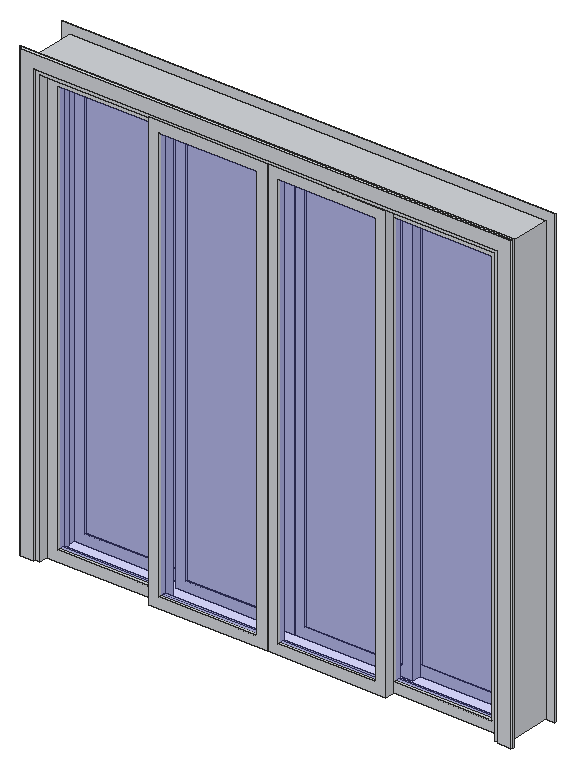
Revit family "Porta veneziana envidraçada de correr quádrupla com revestimento", category Portas, Revit 2019
Family settings
  Hospedeiro = Parede
  Número OmniClass = 23.30.10.00
  Título OmniClass = Doors
  Sempre na vertical = Sim
  Corte com vazios quando carregada = Não
  Compartilhado = Não
  Ponto de cálculo do ambiente = Não
Parameters (values of type "2320 x 2180mm")
  Visual Light Transmittance = 0
  Largura da apara = 70 mm
  Espessura da apara = 10 mm
  Material da apara = none
  Espessura = 0 mm
  Solar Heat Gain Coefficient = 0
  Rough Width = Width  # 2320 mm
  Rough Height = Height  # 2180 mm
  Material do painel = none
  Largura da moldura do painel = 50 mm
  Espessura da moldura do painel = 40 mm
  ID do tipo de construção = ""
  Coeficiente de transferência de calor (U) = 3.7021 W/(m²·K)
  Largura do puxador = 40 mm
  Material do puxador = none
  Altura do puxador = 200 mm
  Vidro = none
  Função = Exterior
  Largura da estrutura = 50 mm
  Height = 2180 mm
  Fechamento da parede = Por hospedeiro
  Width = 2320 mm
  Material da moldura = none
  Construção analítica = Metal
Types (5, lengths in mm): name | Rough Width | Width
  (no name) | 2320 | 2320
  2320 x 2180mm | 2320 | 2320
  2720 x 2180mm | 2720 | 2720
  3120 x 2180mm | 3120 | 3120
  3520 x 2180mm | 3520 | 3520
Reference planes
  plane 1: y = 0
  plane 2 "Centro (Esquerda/Direita)": x = 0
  plane 3 "Esquerda": x = -1160
  plane 4 "Direita": x = 1160
  plane 5: z = 2180
  plane 6 "Exterior": y = 125
  plane 7 "Interior": y = -125
  plane 8: x = -1110
  plane 9: x = -1060
  plane 10: x = 1060
  plane 11: x = 1110
  plane 12: y = -85
  plane 13: z = 0
  plane 14: z = 2080
  plane 15: z = 50
  plane 16: z = 2130
  plane 17: z = 1065
  plane 18: x = 555
  plane 19: x = -555
  plane 20: y = -125
  plane 21: y = -80
  plane 22: y = -40
  plane 23: y = -105
  plane 24: y = -60
  plane 25: y = -53
  plane 26: y = -67
  plane 27: y = -98
  plane 28: y = -112
  plane 29: x = -580
  plane 30: x = -530
  plane 31: x = 580
  plane 32: x = 530
  plane 33: x = -50
  plane 34: x = 50
  plane 35: x = 290
  plane 36: x = -290
  plane 37: y = 40
  plane 38: y = 85
  plane 39: y = 125
  plane 40: y = 60
  plane 41: y = 105
  plane 42: y = 117
  plane 43: y = 93
  plane 44: y = 72
  plane 45: y = 48
  plane 46: x = -25
  plane 47: x = 25
  plane 48: z = 900
  plane 49: z = 1000
  plane 50: z = 800
  plane 51: z = 962
  plane 52: z = 838
  plane 53: x = -5
  plane 54: x = -45
  plane 55: x = 45
  plane 56: x = 5
  plane 57: x = 42
  plane 58: x = 8
  plane 59: x = -8
  plane 60: x = -42
  plane 61: y = 80
  plane 62: x = 427.5
  plane 63: x = 152.5
  plane 64: through (427.5, 300, 1065) normal (0.5, 0, 0.866)
  plane 65: through (427.5, 300, 1065) normal (-0.5, 0, 0.866)
  plane 66: x = -427.5
  plane 67: x = -152.5
  plane 68: through (-427.5, 300, 1065) normal (0.5, 0, -0.866)
  plane 69: through (-427.5, 300, 1065) normal (-0.5, 0, -0.866)
  plane 70: x = 1100
Forms (mm)
  Sweep 1, solid, material <- "Material da moldura", detail levels coarse+medium
    path origin (0, 125, 0) x (1, 0, 0) y (0, 0, 1)
      loop
        line (1160, 0) -> (1160, 2180) -> (-1160, 2180) -> (-1160, 0)
    profile origin (1160, 125, 1090) x (-1, 0, 0) y (0, -1, 0)
      loop
        line (0, 0) -> (50, 0) -> (50, 250) -> (0, 250) -> (0, 0)
  Sweep 2, solid, material <- "Material da moldura", detail levels coarse+medium
    path origin (0, 125, 0) x (-1, 0, 0) y (0, 0, 1)
      loop
        line (0, 0) -> (580, 0) -> (580, 2130) -> (0, 2130) -> (0, 0)
    profile origin (0, 125, 1065) x (-1, 0, 0) y (0, -1, 0)
      loop
        line (50, 45) -> (50, 85) -> (0, 85) -> (0, 45) -> (50, 45)
      loop
        line (0, 210) -> (50, 210) -> (50, 250) -> (0, 250) -> (0, 210)
  Extrusion 3, solid, material <- "Vidro", detail levels fine
    sketch origin (0, 0, 0) x (-1, 0, 0) y (0, -1, 0)
      loop
        line (530, 98) -> (530, 112) -> (50, 112) -> (50, 98) -> (530, 98)
      loop
        line (-50, 98) -> (-50, 112) -> (-530, 112) -> (-530, 98) -> (-50, 98)
      loop
        line (580, 53) -> (1060, 53) -> (1060, 67) -> (580, 67) -> (580, 53)
      loop
        line (-580, 53) -> (-580, 67) -> (-1060, 67) -> (-1060, 53) -> (-580, 53)
    from 50 to 2080
  Sweep 4, solid, material <- "Material da moldura"
    path origin (0, 125, 50) x (-1, 0, 0) y (0, 0, 1)
      loop
        line (1110, -50) -> (1110, 2080) -> (530, 2080) -> (530, -50) -> (1110, -50)
    profile origin (-1110, 125, 1065) x (-1, 0, 0) y (0, -1, 0)
      loop
        line (0, 0) -> (0, 40) -> (-50, 40) -> (-50, 0) -> (0, 0)
      loop
        line (-50, 165) -> (0, 165) -> (0, 205) -> (-50, 205) -> (-50, 165)
  Sweep 5, solid, material <- "Material da moldura", detail levels coarse+medium
    path origin (0, 125, 0) x (1, 0, 0) y (0, 0, 1)
      loop
        line (0, 0) -> (580, 0) -> (580, 2130) -> (0, 2130) -> (0, 0)
    profile origin (0, 125, 1065) x (-1, 0, 0) y (0, -1, 0)
      loop
        line (0, 45) -> (0, 85) -> (-50, 85) -> (-50, 45) -> (0, 45)
      loop
        line (0, 210) -> (0, 250) -> (-50, 250) -> (-50, 210) -> (0, 210)
  Sweep 6, solid, material <- "Material da moldura"
    path origin (0, 125, 50) x (1, 0, 0) y (0, 0, 1)
      loop
        line (1110, -50) -> (1110, 2080) -> (530, 2080) -> (530, -50) -> (1110, -50)
    profile origin (1110, 125, 1065) x (-1, 0, 0) y (0, -1, 0)
      loop
        line (50, 165) -> (50, 205) -> (0, 205) -> (0, 165) -> (50, 165)
      loop
        line (50, 0) -> (50, 40) -> (0, 40) -> (0, 0) -> (50, 0)
  Extrusion 7, solid, material <- "Material do painel"
    sketch origin (0, 0, 0) x (1, 0, 0) y (0, 1, 0)
      loop
        line (-1060, 117) -> (-1060, 93) -> (-580, 93) -> (-580, 117) -> (-1060, 117)
      loop
        line (580, 117) -> (580, 93) -> (1060, 93) -> (1060, 117) -> (580, 117)
      loop
        line (-530, 72) -> (-530, 48) -> (-50, 48) -> (-50, 72) -> (-530, 72)
      loop
        line (50, 72) -> (50, 48) -> (530, 48) -> (530, 72) -> (50, 72)
    from 50 to 2080
  Extrusion 8, solid, material <- "Vidro"
    sketch origin (0, -220, 0) x (-1, 0, 0) y (0, -1, 0)
      loop
        line (1060, -167) -> (1060, -153) -> (580, -153) -> (580, -167) -> (1060, -167)
      loop
        line (530, -122) -> (530, -108) -> (50, -108) -> (50, -122) -> (530, -122)
      loop
        line (-50, -122) -> (-50, -108) -> (-530, -108) -> (-530, -122) -> (-50, -122)
      loop
        line (-580, -167) -> (-580, -153) -> (-1060, -153) -> (-1060, -167) -> (-580, -167)
    from 50 to 2080
  Sweep 9, solid, material <- "Material da moldura", detail levels fine
    path origin (0, 390, 0) x (-1, 0, 0) y (0, 0, 1)
      loop
        line (0, 0) -> (580, 0) -> (580, 2130) -> (0, 2130) -> (0, 0)
    profile origin (0, 390, 1065) x (-1, 0, 0) y (0, -1, 0)
      loop
        line (50, 310) -> (50, 350) -> (0, 350) -> (0, 310) -> (50, 310)
      loop
        line (50, 475) -> (50, 515) -> (0, 515) -> (0, 475) -> (50, 475)
  Sweep 10, solid, material <- "Material da moldura", detail levels fine
    path origin (0, 390, 0) x (1, 0, 0) y (0, 0, 1)
      loop
        line (0, 0) -> (580, 0) -> (580, 2130) -> (0, 2130) -> (0, 0)
    profile origin (0, 390, 1065) x (-1, 0, 0) y (0, -1, 0)
      loop
        line (0, 310) -> (0, 350) -> (-50, 350) -> (-50, 310) -> (0, 310)
      loop
        line (0, 475) -> (0, 515) -> (-50, 515) -> (-50, 475) -> (0, 475)
  Sweep 11, solid, material <- "Material da moldura", detail levels fine
    path origin (0, 125, 0) x (1, 0, 0) y (0, 0, 1)
      loop
        line (1160, 0) -> (1160, 2180) -> (-1160, 2180) -> (-1160, 0)
    profile origin (1160, 125, 1090) x (-1, 0, 0) y (0, -1, 0)
      loop
        line (50, 0) -> (50, 85) -> (60, 85) -> (60, 165) -> (50, 165) -> (50, 250) -> (0, 250) -> (0, 0) -> (50, 0)
  Extrusion 12, solid, material <- "Material do painel", detail levels medium+fine
    sketch origin (-4300, 0, 0) x (1, 0, 0) y (0, 1, 0)
      loop
        line (3240, 117) -> (3240, 93) -> (3720, 93) -> (3720, 117) -> (3240, 117)
      loop
        line (4880, 117) -> (4880, 93) -> (5360, 93) -> (5360, 117) -> (4880, 117)
      loop
        line (3770, 72) -> (3770, 48) -> (4250, 48) -> (4250, 72) -> (3770, 72)
      loop
        line (4350, 72) -> (4350, 48) -> (4830, 48) -> (4830, 72) -> (4350, 72)
    from 50 to 2080
  Sweep 13, solid, material <- "Material da apara", detail levels fine
    path origin (0, -125, 0) x (1, 0, 0) y (0, 0, 1)
      loop
        line (1160, 0) -> (1160, 2180) -> (-1160, 2180) -> (-1160, 0)
    profile "Perfil da apara : Perfil da apara" origin (1160, -125, 1090) x (-1, 0, 0) y (0, -1, 0)
      loop
        line (-43, 0) -> (27, 0) -> (27, 10) -> (-37, 10) -> (-43, 4) -> (-43, 0)
  Sweep 14, solid, material <- "Material da apara", detail levels fine
    path origin (0, 125, 0) x (1, 0, 0) y (0, 0, 1)
      loop
        line (1160, 0) -> (1160, 2180) -> (-1160, 2180) -> (-1160, 0)
    profile "Perfil da apara : Perfil da apara" origin (1160, 125, 1090) x (-1, 0, 0) y (0, -1, 0)
      loop
        line (-43, 0) -> (-43, -4) -> (-37, -10) -> (27, -10) -> (27, 0) -> (-43, 0)
Lines and regions (mm)
  Opening 1
    outline origin (-3050, -125, 0) x (1, 0, 0) y (0, 0, 1)
      loop
        line (1890, 0) -> (4210, 0) -> (4210, 2180) -> (1890, 2180) -> (1890, 0)
  symbolic lines, style "Giro da elevação"
    curve 1: line (-580, 125, 2130) -> (0, 125, 0)
    curve 2: line (0, 125, 0) -> (580, 125, 2130)
    curve 3: line (580, 125, 0) -> (0, 125, 2130)
    curve 4: line (0, 125, 2130) -> (-580, 125, 0)
  model lines, style "DoorsGlassProjection", detail levels medium
    curve 5: line (530, -105, 2080) -> (50, -105, 2080)
    curve 6: line (530, -105, 50) -> (530, -105, 2080)
    curve 7: line (50, -105, 50) -> (530, -105, 50)
    curve 8: line (50, -105, 2080) -> (50, -105, 50)
    curve 9: line (-50, -105, 2080) -> (-530, -105, 2080)
    curve 10: line (-50, -105, 50) -> (-50, -105, 2080)
    curve 11: line (-530, -105, 50) -> (-50, -105, 50)
    curve 12: line (-530, -105, 2080) -> (-530, -105, 50)
    curve 13: line (1060, -60, 2080) -> (580, -60, 2080)
    curve 14: line (1060, -60, 50) -> (1060, -60, 2080)
    curve 15: line (580, -60, 50) -> (1060, -60, 50)
    curve 16: line (580, -60, 2080) -> (580, -60, 50)
    curve 17: line (-580, -60, 2080) -> (-1060, -60, 2080)
    curve 18: line (-580, -60, 50) -> (-580, -60, 2080)
    curve 19: line (-1060, -60, 50) -> (-580, -60, 50)
    curve 20: line (-1060, -60, 2080) -> (-1060, -60, 50)
  symbolic lines, style "Seta"
    curve 21: line (427.5, -60, 1065) -> (349.558, -60, 1110)
    curve 22: line (427.5, -60, 1065) -> (152.5, -60, 1065)
    curve 23: line (427.5, -60, 1065) -> (349.558, -60, 1020)
    curve 24: line (-427.5, -60, 1065) -> (-349.558, -60, 1110)
    curve 25: line (-427.5, -60, 1065) -> (-152.5, -60, 1065)
    curve 26: line (-427.5, -60, 1065) -> (-349.558, -60, 1020)
Text (mm)
  text "Externo" at (-2295.016, 1099.543, 0), in view "Nível de referência"
  text "Externo" at (0, 1615.38, 3698.081), in view "Esquerda"
  text "Externo" at (0, 1036.032, 3874.932), in view "Direita"
Dimensions and locks
  equal spacing: plane 3 "Esquerda", plane 2 "Centro (Esquerda/Direita)", plane 4 "Direita"
  "Width": plane 3 "Esquerda" to plane 4 "Direita"
  "Height": host wall to plane 5
  host wall to plane 5 = 2180 mm
  locked: plane 6 "Exterior" to host wall at 0
  locked: plane 7 "Interior" to host wall
  "Largura da estrutura": plane 3 "Esquerda" to plane 8
  "Largura da estrutura": plane 11 to plane 4 "Direita"
  "Largura da moldura do painel": plane 8 to plane 9
  "Largura da moldura do painel": plane 10 to plane 11
  "Largura da estrutura": plane 16 to plane 5
  "Largura da moldura do painel": plane 14 to plane 16
  "Largura da estrutura": plane 13 to plane 15
  equal spacing: plane 32, plane 18, plane 31
  equal spacing: plane 29, plane 19, plane 30
  "Largura da moldura do painel": plane 29 to plane 30
  "Largura da moldura do painel": plane 32 to plane 31
  "Largura da moldura do painel": plane 33 to plane 2 "Centro (Esquerda/Direita)"
  "Largura da moldura do painel": plane 2 "Centro (Esquerda/Direita)" to plane 34
  equal spacing: plane 2 "Centro (Esquerda/Direita)", plane 18, plane 11
  equal spacing: plane 8, plane 19, plane 2 "Centro (Esquerda/Direita)"
  equal spacing: plane 15, plane 17, plane 14
  equal spacing: plane 31, plane 35, plane 2 "Centro (Esquerda/Direita)"
  equal spacing: plane 2 "Centro (Esquerda/Direita)", plane 36, plane 29
  equal spacing: plane 33, plane 46, plane 2 "Centro (Esquerda/Direita)"
  equal spacing: plane 2 "Centro (Esquerda/Direita)", plane 47, plane 34
  locked: plane 13 to plane 48 at 900
  equal spacing: plane 50, plane 48, plane 49
  "Altura do puxador": plane 50 to plane 49
  locked: plane 50 to plane 52 at 38
  locked: plane 51 to plane 49 at 38
  equal spacing: plane 56, plane 47, plane 55
  "Largura do puxador": plane 56 to plane 55
  equal spacing: plane 54, plane 46, plane 53
  "Largura do puxador": plane 54 to plane 53
  locked: plane 57 to plane 55 at 3
  locked: plane 56 to plane 58 at 3
  locked: plane 59 to plane 53 at 3
  locked: plane 54 to plane 60 at 3
  "Espessura da moldura do painel": plane 12 to plane 20
  "Espessura da moldura do painel": plane 38 to plane 39
  "Espessura da moldura do painel": plane 22 to plane 21
  "Espessura da moldura do painel": plane 61 to plane 37
  equal spacing: plane 12, plane 23, plane 20
  plane 27 to plane 23 to plane 28 = 7 mm locked, 7 mm locked
  equal spacing: plane 22, plane 24, plane 21
  plane 25 to plane 24 to plane 26 = 7 mm locked, 7 mm locked
  equal spacing: plane 61, plane 40, plane 37
  plane 44 to plane 40 to plane 45 = 12 mm locked, 12 mm locked
  equal spacing: plane 39, plane 41, plane 38
  plane 42 to plane 41 to plane 43 = 12 mm locked, 12 mm locked
  locked: plane 62 to plane 63 at 275
  equal spacing: plane 62, plane 35, plane 63
  locked: curve 21 to curve 23 at 90
  locked: curve 23 to curve 23 at 90
  locked: plane 66 to plane 67 at 275
  equal spacing: plane 66, plane 36, plane 67
  locked: curve 24 to curve 26 at 90
  locked: curve 26 to curve 26 at 90
  locked: plane 61 to plane 38 at 5
  locked: plane 21 to plane 12 at 5
  locked: plane 70 to plane 11 at 10
  angle plane 17 to plane 64 = 30.00°
  angle plane 65 to plane 17 = 30.00°
  angle plane 68 to plane 17 = 30.00°
  angle plane 17 to plane 69 = 30.00°
  aligned and locked: plane 3 "Esquerda" to Opening 1 sketch curve
  aligned and locked: plane 5 to Opening 1 sketch curve  (x2)
  aligned and locked: Opening 1 sketch curve to plane 4 "Direita"
  aligned and locked: Opening 1 sketch curve to level
  aligned and locked: plane 1 to host wall
  aligned and locked: level to plane 13
  aligned and locked: Sweep 1 sketch curve to plane 3 "Esquerda"
  aligned and locked: plane 5 to Sweep 1 sketch curve
  aligned and locked: plane 4 "Direita" to Sweep 1 sketch curve
  aligned and locked: Sweep 1 sketch curve to profile plane
  aligned and locked: Sweep 1 sketch curve to host wall
  aligned and locked: host wall to Sweep 1 sketch curve
  aligned and locked: Sweep 1 sketch curve to plane 11
  aligned and locked: Sweep 4 sketch curve to plane 8  (x2)
  aligned and locked: Sweep 2 sketch curve to plane 16
  aligned and locked: plane 13 to Sweep 2 sketch curve
  aligned and locked: Sweep 4 sketch curve to plane 13
  aligned and locked: plane 16 to Sweep 4 sketch curve
  aligned and locked: plane 30 to Sweep 4 sketch curve
  aligned and locked: plane 29 to Sweep 2 sketch curve
  aligned and locked: Sweep 2 sketch curve to plane 2 "Centro (Esquerda/Direita)"  (x2)
  aligned and locked: plane 16 to curve 1
  aligned and locked: plane 29 to curve 1
  aligned and locked: plane 16 to curve 4
  aligned and locked: plane 16 to curve 2
  aligned and locked: plane 2 "Centro (Esquerda/Direita)" to curve 4
  aligned and locked: plane 31 to curve 2
  aligned and locked: plane 13 to curve 4
  aligned and locked: plane 29 to curve 4
  aligned and locked: plane 13 to curve 2
  aligned and locked: plane 31 to curve 3
  aligned and locked: plane 13 to curve 3
  aligned and locked: Extrusion 3 sketch curve to plane 27  (x2)
  aligned and locked: plane 30 to Extrusion 3 sketch curve
  aligned and locked: Extrusion 3 sketch curve to plane 28  (x2)
  aligned and locked: Extrusion 3 sketch curve to plane 33
  aligned and locked: plane 34 to Extrusion 3 sketch curve
  aligned and locked: Extrusion 3 sketch curve to plane 32
  aligned and locked: plane 25 to Extrusion 3 sketch curve
  aligned and locked: plane 29 to Extrusion 3 sketch curve
  aligned and locked: Extrusion 3 sketch curve to plane 26  (x2)
  aligned and locked: Extrusion 3 sketch curve to plane 9
  aligned and locked: Extrusion 3 sketch curve to plane 25
  aligned and locked: plane 31 to Extrusion 3 sketch curve
  aligned and locked: Extrusion 3 sketch curve to plane 10
  aligned and locked: Extrusion 7 sketch curve to plane 42  (x2)
  aligned and locked: plane 9 to Extrusion 7 sketch curve
  aligned and locked: Extrusion 7 sketch curve to plane 43  (x2)
  aligned and locked: Extrusion 7 sketch curve to plane 29
  aligned and locked: plane 31 to Extrusion 7 sketch curve
  aligned and locked: Extrusion 7 sketch curve to plane 10
  aligned and locked: plane 14 to Extrusion 7
  aligned and locked: plane 14 to Extrusion 3
  aligned and locked: Extrusion 7 to plane 15
  aligned and locked: Extrusion 3 to plane 14  (x8)
  aligned and locked: Extrusion 3 to plane 15
  aligned and locked: plane 15 to Extrusion 3  (x8)
  aligned and locked: Extrusion 7 to plane 14  (x4)
  aligned and locked: plane 15 to Extrusion 7  (x4)
  aligned and locked: plane 14 to Extrusion 8
  aligned and locked: Extrusion 8 to plane 15
  aligned and locked: Extrusion 8 sketch curve to Extrusion 3  (x16)
  aligned and locked: curve 9 to plane 14
  aligned and locked: curve 5 to plane 14
  aligned and locked: plane 34 to curve 8
  aligned and locked: curve 10 to plane 33
  aligned and locked: plane 30 to curve 12
  aligned and locked: curve 6 to plane 32
  aligned and locked: plane 15 to curve 11
  aligned and locked: plane 15 to curve 7
  aligned and locked: curve 17 to plane 14
  aligned and locked: curve 13 to plane 14
  aligned and locked: plane 31 to curve 16
  aligned and locked: curve 18 to plane 29
  aligned and locked: plane 9 to curve 20
  aligned and locked: curve 14 to plane 10
  aligned and locked: plane 15 to curve 15
  aligned and locked: plane 15 to curve 19
  aligned and locked: plane 48 to nested 1
  aligned and locked: Sweep 9 sketch curve to plane 16
  aligned and locked: plane 13 to Sweep 9 sketch curve
  aligned and locked: Sweep 9 sketch curve to plane 2 "Centro (Esquerda/Direita)"  (x3)
  aligned and locked: plane 29 to Sweep 9 sketch curve
  aligned and locked: plane 16 to Sweep 10 sketch curve
  aligned and locked: plane 31 to Sweep 10 sketch curve
  aligned and locked: Sweep 10 sketch curve to plane 2 "Centro (Esquerda/Direita)"
  aligned and locked: Sweep 10 sketch curve to plane 13
  aligned and locked: plane 46 to nested 1
  aligned and locked: Extrusion 7 sketch curve to plane 44  (x2)
  aligned and locked: Extrusion 7 sketch curve to plane 32
  aligned and locked: Extrusion 7 sketch curve to plane 45  (x2)
  aligned and locked: plane 34 to Extrusion 7 sketch curve
  aligned and locked: Extrusion 7 sketch curve to plane 33
  aligned and locked: plane 30 to Extrusion 7 sketch curve
  aligned and locked: plane 22 to Sweep 4 sketch curve
  aligned and locked: Sweep 4 sketch curve to plane 39
  aligned and locked: Sweep 4 sketch curve to plane 38
  aligned and locked: Sweep 4 sketch curve to plane 21
  aligned and locked: Sweep 4 sketch curve to plane 9
  aligned and locked: plane 9 to Sweep 4 sketch curve
  aligned and locked: plane 8 to Sweep 4 sketch curve
  aligned and locked: plane 33 to Sweep 9 sketch curve  (x2)
  aligned and locked: Sweep 9 sketch curve to plane 61
  aligned and locked: plane 37 to Sweep 9 sketch curve
  aligned and locked: Sweep 2 sketch curve to plane 33
  aligned and locked: plane 33 to Sweep 2 sketch curve
  aligned and locked: plane 2 "Centro (Esquerda/Direita)" to Sweep 2 sketch curve
  aligned and locked: Sweep 2 sketch curve to plane 20
  aligned and locked: plane 12 to Sweep 2 sketch curve
  aligned and locked: plane 37 to Sweep 2 sketch curve
  aligned and locked: Sweep 2 sketch curve to plane 61
  aligned and locked: Sweep 10 sketch curve to plane 34  (x2)
  aligned and locked: plane 2 "Centro (Esquerda/Direita)" to Sweep 10 sketch curve  (x2)
  aligned and locked: Sweep 10 sketch curve to plane 61
  aligned and locked: plane 37 to Sweep 10 sketch curve
  aligned and locked: plane 2 "Centro (Esquerda/Direita)" to Sweep 5 sketch curve  (x2)
  aligned and locked: Sweep 5 sketch curve to plane 34  (x2)
  aligned and locked: Sweep 5 sketch curve to plane 12
  aligned and locked: plane 20 to Sweep 5 sketch curve
  aligned and locked: plane 37 to Sweep 5 sketch curve
  aligned and locked: Sweep 5 sketch curve to plane 61
  aligned and locked: plane 10 to Sweep 6 sketch curve  (x2)
  aligned and locked: Sweep 6 sketch curve to plane 11  (x2)
  aligned and locked: Sweep 6 sketch curve to plane 39
  aligned and locked: Sweep 6 sketch curve to plane 38
  aligned and locked: plane 22 to Sweep 6 sketch curve
  aligned and locked: Sweep 6 sketch curve to plane 21
  aligned and locked: nested 1 to plane 61
  aligned and locked: nested 2 to plane 61  (x2)
  aligned and locked: plane 47 to nested 2
  aligned and locked: plane 48 to nested 2
  aligned and locked: Sweep 9 sketch curve to plane 12
  aligned and locked: plane 20 to Sweep 9 sketch curve
  aligned and locked: Sweep 10 sketch curve to plane 12
  aligned and locked: plane 20 to Sweep 10 sketch curve
  aligned and locked: curve 21 to plane 64
  aligned and locked: curve 22 to plane 17
  aligned and locked: curve 23 to plane 65
  aligned and locked: curve 24 to plane 68
  aligned and locked: curve 26 to plane 69
  aligned and locked: plane 20 to plane 7 "Interior"
  aligned and locked: plane 39 to plane 6 "Exterior"
  aligned and locked: plane 4 "Direita" to Sweep 11 sketch curve  (x2)
  aligned and locked: plane 5 to Sweep 11 sketch curve
  aligned and locked: Sweep 11 sketch curve to plane 3 "Esquerda"
  aligned and locked: Sweep 11 sketch curve to plane 39
  aligned and locked: plane 11 to Sweep 11 sketch curve
  aligned and locked: Sweep 11 sketch curve to plane 7 "Interior"
  aligned and locked: Sweep 11 sketch curve to plane 37
  aligned and locked: plane 70 to Sweep 11 sketch curve
  aligned and locked: Sweep 11 sketch curve to plane 22
  aligned and locked: Extrusion 12 sketch curve to plane 10
  aligned and locked: plane 31 to Extrusion 12 sketch curve
  aligned and locked: Extrusion 12 sketch curve to plane 42  (x2)
  aligned and locked: Extrusion 12 sketch curve to plane 43  (x2)
  aligned and locked: Extrusion 12 sketch curve to plane 32
  aligned and locked: Extrusion 12 sketch curve to plane 44  (x2)
  aligned and locked: Extrusion 12 sketch curve to plane 45  (x2)
  aligned and locked: plane 34 to Extrusion 12 sketch curve
  aligned and locked: Extrusion 12 sketch curve to plane 33
  aligned and locked: plane 30 to Extrusion 12 sketch curve
  aligned and locked: Extrusion 12 sketch curve to plane 29
  aligned and locked: plane 9 to Extrusion 12 sketch curve
  aligned and locked: Extrusion 12 to plane 15
  aligned and locked: plane 14 to Extrusion 12
  aligned and locked: plane 3 "Esquerda" to Sweep 13 sketch curve
  aligned and locked: Sweep 13 sketch curve to plane 5
  aligned and locked: Sweep 13 sketch curve to plane 4 "Direita"
  aligned and locked: level to Sweep 13 sketch curve  (x2)
  aligned and locked: plane 4 "Direita" to Sweep 14 sketch curve
  aligned and locked: plane 5 to Sweep 14 sketch curve
  aligned and locked: Sweep 14 sketch curve to plane 3 "Esquerda"
Automatic sketch dimensions
  Sweep 1 sketch curve to level = 0 mm  (x2)
  curve 2 to plane 2 "Centro (Esquerda/Direita)" = 0 mm
  Sweep 5 sketch curve to plane 2 "Centro (Esquerda/Direita)" = 0 mm
  Sweep 5 sketch curve to level = 0 mm
  Sweep 5 sketch curve to plane 31 = 0 mm
  Sweep 5 sketch curve to plane 16 = 0 mm
  Sweep 6 sketch curve to level = 0 mm
  Sweep 6 sketch curve to plane 32 = 0 mm
  Sweep 6 sketch curve to plane 11 = 0 mm
  Sweep 6 sketch curve to plane 16 = 0 mm
  curve 22 to plane 63 = 0 mm
  curve 25 to plane 67 = 0 mm
  Sweep 11 sketch curve to level = 0 mm  (x2)
  Sweep 11 sketch curve to profile plane = 50 mm
  Sweep 14 sketch curve to level = 0 mm  (x2)
Nested families
  nested 1: "Maçaneta da porta 3" at (-25, 80, 900), type "Maçaneta da porta 3", detail levels fine
  nested 2: "Maçaneta da porta 3" at (25, 80, 900), type "Maçaneta da porta 3", detail levels fine
Definition of nested family "Maçaneta da porta 3"
  Parameters
    Width = 40 mm
    Thickness = 3 mm
    Rough Width = Width  # 40 mm
    Rough Height = Height  # 200 mm
    Height = 200 mm
    Material do puxador = none
  Reference planes
    plane 1 "Centro (Frente/Trás)": y = 0
    plane 2: z = 0
    plane 3 "Centro (Esquerda/Direita)": x = 0
    plane 4: x = -20
    plane 5: x = 20
    plane 6: y = 3
    plane 7: z = 100
    plane 8: z = -100
    plane 9: y = -10
    plane 10: x = 15
    plane 11: x = -15
    plane 12: z = 60
    plane 13: z = -60
    plane 14: z = 85
    plane 15: z = -85
    plane 16: z = 62
    plane 17: x = 17
    plane 18: x = -17
    plane 19: z = -62
    plane 20: y = -8
    plane 21: y = -15
  Forms (mm)
    Extrusion 1, solid, material <- "Material do puxador"
      sketch origin (0, 0, 0) x (1, 0, 0) y (0, 0, 1)
        loop
          line (10, 100) -> (-10, 100)
          arc (-10, 100) -> (-17.071, 97.071) -> (-20, 90) r 10
          line (-20, 90) -> (-20, -90)
          arc (-20, -90) -> (-17.071, -97.071) -> (-10, -100) r 10
          line (-10, -100) -> (10, -100)
          arc (10, -100) -> (17.071, -97.071) -> (20, -90) r 10
          line (20, -90) -> (20, 90)
          arc (20, 90) -> (17.071, 97.071) -> (10, 100) r 10
        loop
          line (10, 60) -> (-10, 60)
          arc (-10, 60) -> (-13.536, 58.536) -> (-15, 55) r 5
          line (-15, 55) -> (-15, -55)
          arc (-15, -55) -> (-13.536, -58.536) -> (-10, -60) r 5
          line (-10, -60) -> (10, -60)
          arc (10, -60) -> (13.536, -58.536) -> (15, -55) r 5
          line (15, -55) -> (15, 55)
          arc (15, 55) -> (13.536, 58.536) -> (10, 60) r 5
        loop
          circle (0, 85) r 5
        loop
          circle (0, -85) r 5
      from -3 to 0
    Extrusion 2, solid, material <- "Material do puxador"
      sketch origin (0, 0, 0) x (1, 0, 0) y (0, 0, 1)
        loop
          arc (-10, 60) -> (-13.536, 58.536) -> (-15, 55) r 5
          line (-15, 55) -> (-15, -55)
          arc (-15, -55) -> (-13.536, -58.536) -> (-10, -60) r 5
          line (-10, -60) -> (10, -60)
          arc (10, -60) -> (13.536, -58.536) -> (15, -55) r 5
          line (15, -55) -> (15, 55)
          arc (15, 55) -> (13.536, 58.536) -> (10, 60) r 5
          line (10, 60) -> (-10, 60)
        loop
          arc (-10, 62) -> (-14.95, 59.95) -> (-17, 55) r 7
          line (-17, 55) -> (-17, -55)
          arc (-17, -55) -> (-14.95, -59.95) -> (-10, -62) r 7
          line (-10, -62) -> (10, -62)
          arc (10, -62) -> (14.95, -59.95) -> (17, -55) r 7
          line (17, -55) -> (17, 55)
          arc (17, 55) -> (14.95, 59.95) -> (10, 62) r 7
          line (10, 62) -> (-10, 62)
      from 0 to 10
    Extrusion 3, solid, material <- "Material do puxador"
      sketch origin (0, 0, 0) x (1, 0, 0) y (0, 0, 1)
        loop
          arc (-10, 60) -> (-13.536, 58.536) -> (-15, 55) r 5
          line (-15, 55) -> (-15, -55)
          arc (-15, -55) -> (-13.536, -58.536) -> (-10, -60) r 5
          line (-10, -60) -> (10, -60)
          arc (10, -60) -> (13.536, -58.536) -> (15, -55) r 5
          line (15, -55) -> (15, 55)
          arc (15, 55) -> (13.536, 58.536) -> (10, 60) r 5
          line (10, 60) -> (-10, 60)
      from 8 to 10
    Extrusion 4, void
      sketch origin (0, 0, 0) x (1, 0, 0) y (0, 0, 1)
        loop
          line (-17, 62) -> (-17, -62) -> (17, -62) -> (17, 62) -> (-17, 62)
      from 0 to 15
  Cuts and joins
    Extrusion 4 cuts Extrusion 1
    Extrusion 4 cuts Extrusion 2
    Extrusion 4 cuts Extrusion 3
    joined: Extrusion 1, Extrusion 2, Extrusion 3
  Dimensions and locks
    equal spacing: plane 4, plane 3 "Centro (Esquerda/Direita)", plane 5
    "Thickness": plane 6 to plane 1 "Centro (Frente/Trás)"
    "Width": plane 4 to plane 5
    equal spacing: plane 7, plane 2, plane 8
    "Height": plane 7 to plane 8
    locked: plane 10 to plane 5 at 5
    locked: plane 4 to plane 11 at 5
    locked: plane 8 to plane 13 at 40
    locked: plane 12 to plane 7 at 40
    locked: plane 14 to plane 7 at 15
    locked: plane 8 to plane 15 at 15
    locked: plane 9 to cut or joined group of Extrusion 1, Extrusion 2, Extrusion 3, Extrusion 4 at 10
    locked: plane 18 to plane 11 at 2
    locked: plane 19 to plane 13 at 2
    locked: plane 12 to plane 16 at 2
    locked: plane 10 to plane 17 at 2
    locked: plane 20 to plane 9 at 2
    locked: plane 9 to plane 21 at 5
    radius of Extrusion 1 sketch curve = 10 mm  (x4)
    radius of Extrusion 1 sketch curve = 5 mm  (x6)
    radius of Extrusion 2 sketch curve = 7 mm  (x4)
    aligned and locked: level to plane 2
    aligned and locked: plane 7 to Extrusion 1 sketch curve
    aligned and locked: plane 5 to Extrusion 1 sketch curve
    aligned and locked: Extrusion 1 sketch curve to plane 8
    aligned and locked: Extrusion 1 sketch curve to plane 4
    aligned and locked: plane 12 to Extrusion 1 sketch curve
    aligned and locked: Extrusion 1 sketch curve to plane 10
    aligned and locked: Extrusion 1 sketch curve to plane 13
    aligned and locked: plane 11 to Extrusion 1 sketch curve
    aligned and locked: plane 6 to Extrusion 1
    aligned and locked: plane 1 "Centro (Frente/Trás)" to Extrusion 1
    aligned and locked: plane 14 to Extrusion 1 sketch curve
    aligned and locked: plane 3 "Centro (Esquerda/Direita)" to Extrusion 1 sketch curve  (x2)
    aligned and locked: plane 15 to Extrusion 1 sketch curve
    aligned and locked: Extrusion 2 sketch curve to Extrusion 1  (x4)
    aligned and locked: Extrusion 2 to plane 1 "Centro (Frente/Trás)"
    aligned and locked: Extrusion 2 to plane 9
    aligned and locked: plane 16 to Extrusion 2 sketch curve
    aligned and locked: Extrusion 2 sketch curve to plane 17
    aligned and locked: plane 19 to Extrusion 2 sketch curve
    aligned and locked: Extrusion 2 sketch curve to plane 18
    aligned and locked: Extrusion 3 sketch curve to cut or joined group of Extrusion 1, Extrusion 2, Extrusion 3, Extrusion 4  (x4)
    aligned and locked: plane 20 to Extrusion 3
    aligned and locked: Extrusion 3 to plane 9
    aligned and locked: Extrusion 4 sketch curve to plane 16
    aligned and locked: plane 18 to Extrusion 4 sketch curve
    aligned and locked: Extrusion 4 sketch curve to plane 19
    aligned and locked: plane 17 to Extrusion 4 sketch curve
    aligned and locked: Extrusion 4 to plane 1 "Centro (Frente/Trás)"
    aligned and locked: Extrusion 4 to plane 21
  Automatic sketch dimensions
    Extrusion 1 sketch curve to plane 4 = 0 mm
    Extrusion 1 sketch curve to plane 5 = 0 mm
